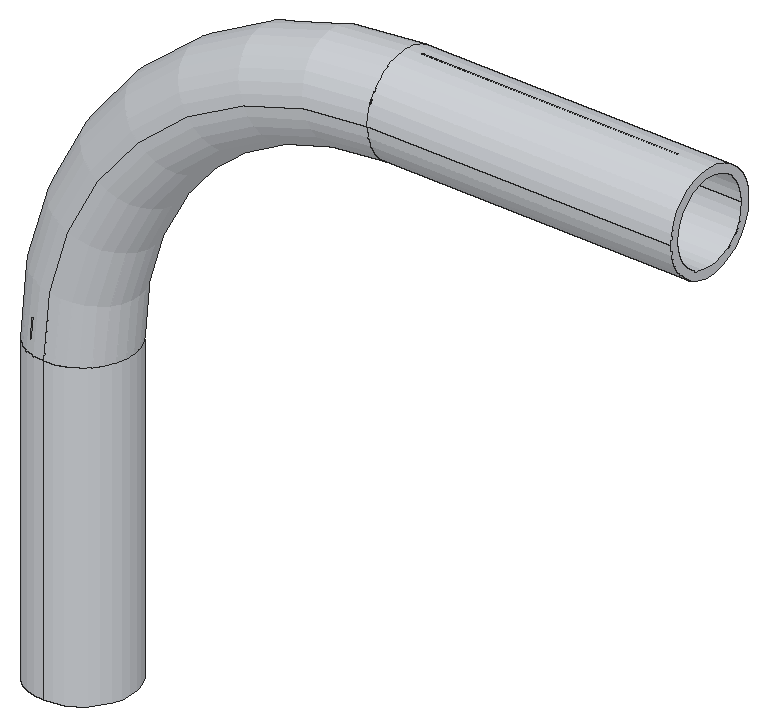
Revit family "PSB20W", category Generic Models, Revit 2017
Family settings
  Can host rebar = No
  Round Connector Dimension = Use Diameter
  Part Type = Normal
  Work Plane-Based = Yes
  Always vertical = No
  Cut with Voids When Loaded = No
  Shared = No
  Room Calculation Point = No
Parameters (values of type "NBS Standard Parameters")
  Weight = "0.0425Kg"
  WarrantyStartDate [instance] = "1900-12-31T23:59:59"
  WarrantyGuarantorParts = "n/a"
  WarrantyGuarantorLabor = "n/a"
  WarrantyDurationUnit = "year"
  WarrantyDurationParts = "n/a"
  WarrantyDurationLabor = "n/a"
  WarrantyDescription = "n/a"
  Version = "1"
  Uniclass2 = "Pr_65_70_11_20"
  TagNumber [instance] = "n/a"
  SustainabilityPerformance = "n/a"
  Size = "20mm"
  Shape = "n/a"
  SerialNumber [instance] = "n/a"
  Revision = "n/a"
  ReplacementCost = "n/a"
  ProductInformation = "www.metpro.co.uk/pdf/Psb20w.pdf"
  NominalWidth = 167.5 mm
  NominalLength = 167.5 mm
  NominalHeight = 22 mm
  Name = ""
  NBSTypeID = ""
  NBSReference = "90-55-10/460"
  NBSOfficeMasterTag = ""
  NBSNote = ""
  NBSDescription = "Conduit Fittings"
  NBSCertification = ""
  ModelReference = "PSB20W"
  ModelNumber = "n/a"
  Material = "PVC"
  ManufacturerURL = "www.metpro.co.uk"
  ManufacturerName = "Metpro Ltd"
  Keynote = "Manufactured to BS4607  Part 1"
  InstallationDate [instance] = "1900-12-31T23:59:59"
  IfcExportType = ""
  IfcExportAs = ""
  Grade = "n/a"
  Finish = "White"
  Features = "n/a"
  ExpectedLife = "n/a"
  DurationUnit = "year"
  Description = "PSB20W - 20mm PVC Solid Bend"
  Default Elevation = 1219.2 mm
  Constituents = "n/a"
  Color = "n/a"
  CodePerformance = "n/a"
  Category = "n/a"
  BarCode [instance] = "n/a"
  BIMObjectName = "Metpro_metprolibrary_Conduitfittings_pvccomponent_accessory"
  Author = "Metpro Ltd"
  AssetType = ""
  AssetIdentifier [instance] = "n/a"
  AccessibilityPerformance = "n/a"
Reference planes
  plane 1 "Center (Front/Back)": y = 0
  plane 2: z = 0
  plane 3 "Center (Left/Right)": x = 0
Forms (mm)
  Sweep 1, solid
    path origin (-13.378, -8.937, 0) x (-1, 0, 0) y (0, 0, 1)
      loop
        line (-139.023, 20.433) -> (-64.023, 20.433)
        arc (-64.023, 20.433) -> (-7.454, -2.999) -> (15.977, -59.567) r 80
        line (15.977, -59.567) -> (15.977, -134.567)
    profile origin (88.145, -8.937, 20.433) x (0, 0, 1) y (0, 1, 0)
      loop
        circle (0, 0) r 10
      loop
        circle (0, 0) r 12
Dimensions and locks
  aligned and locked: level to plane 2
